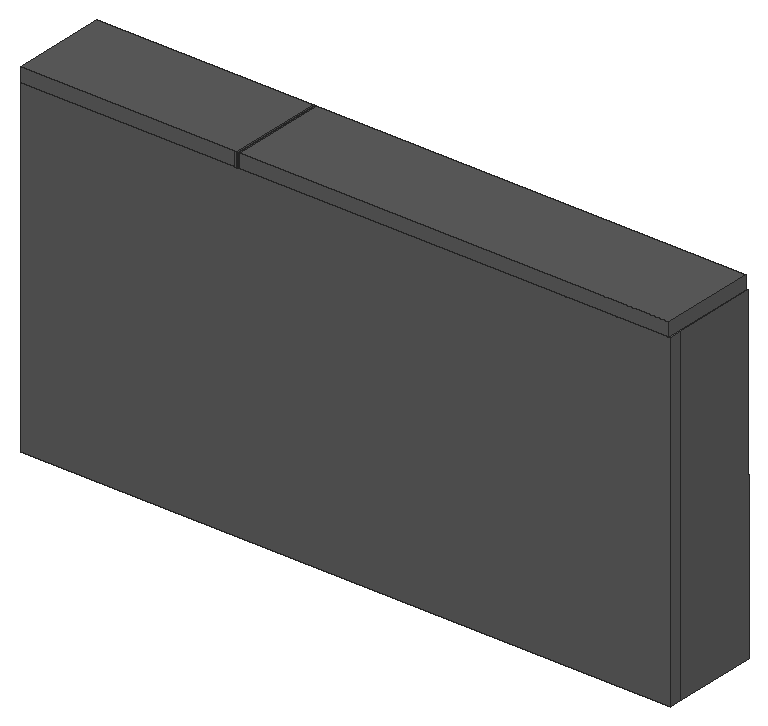
Revit family "WashbasinUnit-90cm-Right-Vitra-OriginSeries-65676+65677+65678", category Furniture Systems, host Face, Revit 2017
Family settings
  Host = Face
  Round Connector Dimension = Use Diameter
  Part Type = Normal
  OmniClass Number = 23.40.00.00
  OmniClass Title = Equipment and Furnishings
  Cut with Voids When Loaded = No
  Shared = Yes
  Room Calculation Point = No
Parameters (values of type "WashbasinUnit-Vitra-OriginSeries-90cm-Right_65676")
  Youtube = "https://www.youtube.com/user/VitrAglobal"
  Weight Net (kg) = ""
  Warranty Period (Year) = "2"
  Uniformat II Description = "FURNISHINGS"
  Uniformat II Code = "E20"
  Uniclass 2015 Name = "Wash basins, sinks and troughs"
  Uniclass 2015 Code = "Pr_40_20_93"
  Uniclass 2.0 Description = "Bathroom Cabinets"
  Uniclass 2.0 Code = "PR-35-75-08"
  Uniclass 1.4 Description = "Bathroom Cabinets"
  Uniclass 1.4 Code = "L8241"
  URL = "https://vitraglobal.com/"
  UNSPSC Description = "Bathroom Cabinets"
  UNSPSC Code = "301815"
  Technical description = "https://www.vitraglobal.com/pdf/65676/"
  Tap hole Options (default) = ""
  Specification = ""
  Secondary Material = MattWhite
  Region South America = "All"
  Region Oceania = "All"
  Region North America = "All"
  Region Middle East = "All"
  Region Europe = "All"
  Region Asia = "All"
  Region Antarctica = "All"
  Region Africa = "All"
  Product url = "https://www.vitraglobal.com/bathroom-furniture/counters/storage-tables/origin-counter-with-drawer-sku-65676/"
  Product manual = ""
  Product group = "Washbasin Unit"
  Product family = "Origin"
  Product data url = "https://www.bimobject.com/vitra-bathrooms/product/65676-65677-65678"
  Product certification = "https://www.vitraglobal.com/brochures/"
  Product SKU = "65676"
  Product Guid = "https://www.vitraglobal.com/uyeIslem/fileDownload.aspx?udkEnc=jknA0+Tbm/Hm4TOyUwN+8y2DmbYZpN3DgWVixSaqpUl8lHcyJ4riURwxWsHd8AcBDazUBka7BIJo6TEQ9OYqmQ==&lang=en-US"
  Primary Material = Patterned Black Oak
  OmniClass Description = "Bathroom Cabinets"
  OmniClass Code = "23-31 25 13"
  Nominal Width (mm) = 900 mm
  Nominal Height (mm) = 135 mm
  Nominal Depth (mm) = 480 mm
  NBS Referans Description = "Bathroom Cabinets"
  NBS Referans Code = "35-75-08"
  Mounting type = "Wall-Hung"
  Masterformat 2014 Description = "Bathroom Unit Modules"
  Masterformat 2014 Code = "13 42 13"
  Manufacturer name = "VitrA"
  Manufacturer = "VitrA"
  Main Material = "Wood"
  Installation instructions = "https://www.vitraglobal.com/uyeIslem/fileDownload.aspx?udkEnc=YT1cocbwVf1nhQ2jtuzVLRf+lQtiPzEc0mZ6gFoRvuzyYprAYoFjRTn2tIH66LmL1a1Jq37ROE+33uM/PE7myg==&lang=en-US"
  IFC Classification = "Furniture"
  EAN code = ""
  Design country = "Turkey"
  Description = "Origin Washbasin Unit, 90 cm"
  Default Elevation = 660 mm
  Color = "Matt White/Dore Oak"
  COBIe Type Category = ""
  Brand = "VitrA"
  BIMobject category = "Bathroom compound units"
  Article No. (default) = "65676"
  Accessories (default) = ""
Types (3, lengths in mm): name | Technical description | Product url | Product data url | Product SKU | Primary Material | Color | Article No. (default)
  WashbasinUnit-Vitra-OriginSeries-90cm-Right_65678 | "https://www.vitraglobal.com/pdf/65678/" | "" | "https://www.vitraglobal.com/bathroom-furniture/counters/storage-tables/origin-counter-with-drawer-sku-65678/" | "65678" | Natural Oak | "Flat Oak" | "65678"
  WashbasinUnit-Vitra-OriginSeries-90cm-Right_65677 | "https://www.vitraglobal.com/pdf/65677/" | "" | "https://www.vitraglobal.com/bathroom-furniture/counters/storage-tables/origin-counter-with-drawer-sku-65677/" | "65677" | Elm | "Elm" | "65677"
  WashbasinUnit-Vitra-OriginSeries-90cm-Right_65676 | "https://www.vitraglobal.com/pdf/65676/" | "https://www.vitraglobal.com/bathroom-furniture/counters/storage-tables/origin-counter-with-drawer-sku-65676/" | "https://www.bimobject.com/vitra-bathrooms/product/65676-65677-65678" | "65676" | Patterned Black Oak | "Matt White/Dore Oak" | "65676"
Reference planes
  plane 1 "Center (Front/Back)": y = 0
  plane 2: z = 0
  plane 3 "Center (Left/Right)": x = -8.77
  plane 4: x = 454.576
  plane 5: x = -445.424
  plane 6: y = 0.372
  plane 7: y = 135.372
  plane 8: z = 480
Forms (mm)
  Extrusion 1, solid, material "Patterned Black Oak" <- "Primary Material", detail levels fine
    sketch origin (-279.424, -0.624, 231.903) x (0, 0, 1) y (1, 0, 0)
      loop
        line (229.097, -166) -> (229.097, 734) -> (-228.5, 734) -> (-228.5, -166) -> (229.097, -166)
    from 0.997 to 17.997
  Extrusion 2, solid, material "Patterned Black Oak" <- "Primary Material", detail levels fine
    sketch origin (-295.424, 135.372, 232.403) x (0, 0, -1) y (1, 0, 0)
      loop
        line (229, -150) -> (229, -134) -> (-228.597, -134) -> (-228.597, -150) -> (229, -150)
      loop
        line (-228.597, 750) -> (-228.597, 734) -> (229, 734) -> (229, 750) -> (-228.597, 750)
    from 0 to 118
  Extrusion 3, solid, material "Patterned Black Oak" <- "Primary Material", detail levels fine
    sketch origin (-292.424, 133.372, 469.903) x (0, 0, -1) y (1, 0, 0)
      loop
        line (-10.097, -153) -> (8.903, -153) -> (8.903, 745) -> (-10.097, 745) -> (-10.097, -153)
    from 0 to 133
  Extrusion 4, solid, material "Patterned Black Oak" <- "Primary Material", detail levels fine
    sketch origin (-279.424, 134.372, 410.403) x (0, 0, 1) y (1, 0, 0)
      loop
        line (-49.403, -150) -> (50.597, -150) -> (50.597, 718) -> (-49.403, 718) -> (-49.403, -150)
      loop
        line (-307, 718) -> (-407, 718) -> (-407, -150) -> (-307, -150) -> (-307, 718)
    from 0 to -15.924
  Extrusion 5, solid, material "Patterned Black Oak" <- "Primary Material", detail levels fine
    sketch origin (128.073, 133.372, 469.903) x (0, 0, -1) y (1, 0, 0)
      loop
        line (-10.097, -270.903) -> (-10.097, -273.497) -> (8.903, -273.497) -> (8.903, -270.903) -> (-10.097, -270.903)
    from 0 to 133
  Extrusion 6, solid, material "Patterned Black Oak" <- "Primary Material", detail levels fine
    sketch origin (273.479, 133.372, 469.903) x (0, 0, -1) y (1, 0, 0)
      loop
        line (-10.097, -418.903) -> (-10.097, -421.497) -> (8.903, -421.497) -> (8.903, -418.903) -> (-10.097, -418.903)
    from 0 to 133
  Extrusion 7, solid, detail levels coarse+medium
    sketch origin (0, 0, 0) x (1, 0, 0) y (0, 1, 0)
      loop
        line (454.576, 145.372) -> (-445.424, 145.372) -> (-445.424, 0.372) -> (454.576, 0.372) -> (454.576, 145.372)
    from 0 to 480
  Extrusion 8, void
    sketch origin (0, 0, 0) x (1, 0, 0) y (0, 1, 0)
      loop
        line (454.576, 145.372) -> (-445.424, 145.372) -> (-445.424, 0.372) -> (454.576, 0.372) -> (454.576, 145.372)
    from 480 to 954.713
Dimensions and locks
  locked: Extrusion 3 to Extrusion 5 at 300  (x2)
  "Nominal Height (mm)": plane 7 to plane 6
  plane 5 to plane 4 = 900 mm
  "Nominal Width (mm)": plane 5 to plane 4
  "Nominal Depth (mm)": host face to plane 8
  Extrusion 8 to Extrusion 8 = 474.713 mm
  aligned and locked: plane 2 to host face
  aligned and locked: level to host face
  aligned and locked: Extrusion 2 to Extrusion 1
  aligned and locked: Extrusion 1 to Extrusion 3  (x2)
  aligned and locked: Extrusion 4 to Extrusion 2  (x2)
  aligned and locked: Extrusion 7 to Extrusion 1  (x2)
  aligned and locked: Extrusion 8 sketch curve to Extrusion 7  (x2)
  aligned and locked: Extrusion 8 to Extrusion 3
Automatic sketch dimensions
  host sketch curve to host sketch curve = 2438.4 mm  (x2)
  plane 5 to Extrusion 1 sketch curve = 0 mm
  plane 4 to Extrusion 1 sketch curve = 0 mm
  level to Extrusion 1 sketch curve = 3.403 mm
  plane 8 to Extrusion 1 sketch curve = 19 mm
  plane 5 to Extrusion 2 sketch curve = 0 mm
  plane 4 to Extrusion 2 sketch curve = 0 mm
  plane 8 to Extrusion 2 sketch curve = 19 mm  (x2)
  level to Extrusion 2 sketch curve = 3.403 mm  (x2)
  Extrusion 2 sketch curve to plane 5 = 16 mm
  Extrusion 2 sketch curve to Extrusion 2 sketch curve = 16 mm
  Extrusion 3 sketch curve to plane 8 = 0 mm
  plane 5 to Extrusion 3 sketch curve = 0 mm
  plane 4 to Extrusion 3 sketch curve = 2 mm
  plane 8 to Extrusion 3 sketch curve = 19 mm
  level to Extrusion 4 sketch curve = 3.403 mm
  plane 4 to Extrusion 4 sketch curve = 16 mm  (x2)
  Extrusion 4 sketch curve to Extrusion 4 sketch curve = 100 mm
  plane 8 to Extrusion 4 sketch curve = 119 mm
  plane 8 to Extrusion 4 sketch curve = 19 mm
  Extrusion 4 sketch curve to plane 5 = 16 mm  (x2)
  Extrusion 5 sketch curve to plane 8 = 0 mm
  plane 8 to Extrusion 5 sketch curve = 19 mm
  Extrusion 5 sketch curve to plane 3 "Center (Left/Right)" = 136.655 mm
  Extrusion 5 sketch curve to Extrusion 5 sketch curve = 2.594 mm
  Extrusion 6 sketch curve to plane 8 = 0 mm
  plane 8 to Extrusion 6 sketch curve = 19 mm
  Extrusion 6 sketch curve to plane 3 "Center (Left/Right)" = 139.249 mm
  Extrusion 6 sketch curve to Extrusion 6 sketch curve = 2.594 mm
  Extrusion 7 sketch curve to plane 5 = 0 mm
  Extrusion 7 sketch curve to plane 4 = 0 mm
  Extrusion 7 sketch curve to plane 6 = 0 mm
  plane 7 to Extrusion 7 sketch curve = 10 mm
  Extrusion 8 sketch curve to plane 6 = 0 mm
  plane 7 to Extrusion 8 sketch curve = 10 mm
